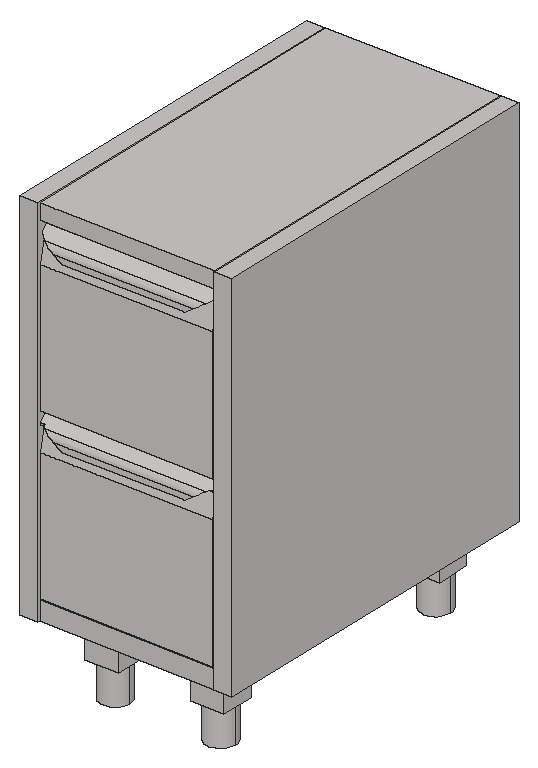
Revit family "QF_ELECTROLUXPROFESSIONAL_121821_TE2C4", category Attrezzature speciali, Revit 2020
Family settings
  Quota connettore circolare = Usa diametro
  Tipo di parte = Normale
  Basato su piano di lavoro = No
  Sempre verticale = Sì
  Taglio con vuoti quando caricato = No
  Condiviso = No
  Punto di calcolo locali = No
Parameters (values of type "Standard")
  Weight = 37.00 kg
  Watts = 0 W
  Volts = 0 V
  URL Manufacturer = "https://www.electroluxprofessional.com/"
  URL = "https://www.electroluxprofessional.com/"
  Steam Supply Size = 0 mm
  Steam Supply Minimum Pressure = 0.0 Pa
  Steam Supply Maximum Pressure = 0.0 Pa
  Steam Consumption per Hour = 0
  Refrigeration Suction Line Size = 0.0 mm
  Refrigeration Liquid Line Size = 0.0 mm
  Refrigerant Compressor Remote = yes
  Prospetto di default = 0.0 mm
  Phase = 0
  Modello = "TE2C4"
  Produttore = "Electrolux Professional"
  Length Actual = 400.0 mm  # constant formula
  Item Number = "121821"
  Hot Water Size = 0 mm
  Height Actual = 860.0 mm  # constant formula
  HP = "0 HP"
  Gas Size = 0 mm
  Gas KW = 0
  Gas Input Pressure = 0 W
  Direct Waste Size = 0 mm
  Descrizione = "AMBIENT UNIT WITH 2 DRAWERS 400MM"
  Depth Actual = 680.0 mm  # constant formula
  Cycle = 0 Hz
  Condensate Return Size = 0 mm
  Compressed Air Volume = 0.0 L/s
  Compressed Air Size = 0 mm
  Compressed Air Pressure = 0.0 Pa
  Cold Water Size = 0 mm
  Accessory = yes
Reference planes
  plane 1 "Center (Front/Back)": y = 0
  plane 2: z = 0
  plane 3 "Center (Left/Right)": x = -300
  plane 4 "LEFT": x = -500
  plane 5 "RIGHT": x = -100
  plane 6 "BACK": y = 340
  plane 7 "FRONT": y = -340
  plane 8 "Base": z = 860
  plane 9 "TOP": z = 900
  plane 10: x = -400
  plane 11: x = -200
  plane 12: y = 270
  plane 13: y = -240
  plane 14 "FEET": z = 150
  plane 15: x = -466
  plane 16: x = -134
  plane 17: y = -337
  plane 18: y = 310
  plane 19: y = -950
Forms (mm)
  Extrusion 1, solid, material "QF_Finishes_Stainless Steel"
    sketch origin (0, 0, 150) x (-1, 0, 0) y (0, -1, 0)
      loop
        line (500, -340) -> (500, 340) -> (466, 340) -> (466, -340) -> (500, -340)
      loop
        line (134, -340) -> (134, 340) -> (100, 340) -> (100, -340) -> (134, -340)
    from 0 to 710
  Extrusion 2, solid, material "QF_Finishes_Stainless Steel"
    sketch origin (0, 0, 150) x (-1, 0, 0) y (0, -1, 0)
      loop
        line (466, -310) -> (466, 337) -> (134, 337) -> (134, -310) -> (466, -310)
    from 0 to 35
  Extrusion 3, solid, material "QF_Finishes_Stainless Steel"
    sketch origin (0, 0, 0) x (1, 0, 0) y (0, 1, 0)
      loop
        line (-466, 310) -> (-466, -297) -> (-134, -297) -> (-134, 310) -> (-466, 310)
    from 490 to 520
  Extrusion 4, solid, material "QF_Finishes_Stainless Steel"
    sketch origin (0, 0, 0) x (1, 0, 0) y (0, 1, 0)
      loop
        line (-466, -337) -> (-134, -337) -> (-134, 340) -> (-466, 340) -> (-466, -337)
    from 830 to 860
  Extrusion 5, solid, material "QF_Finishes_Stainless Steel"
    sketch origin (0, 0, 150) x (-1, 0, 0) y (0, -1, 0)
      loop
        line (466, -340) -> (466, -310) -> (134, -310) -> (134, -340) -> (466, -340)
    from 680 to 0
Lines and regions (mm)
  symbolic lines, style "SpecialityEquipmentHiddenLines"
    curve 1: line (-100, 340, 900) -> (-500, 340, 900)
    curve 2: line (-100, -340, 900) -> (-100, 340, 900)
    curve 3: line (-500, -344.5, 150) -> (-500, 340, 150)
    curve 4: line (-500, -340, 150) -> (-466, -340, 150)
    curve 5: line (-466, -340, 150) -> (-466, -337, 150)
    curve 6: line (-466, -337, 150) -> (-134, -337, 150)
    curve 7: line (-134, -337, 150) -> (-134, -340, 150)
    curve 8: line (-134, -340, 150) -> (-100, -340, 150)
Dimensions and locks
  plane 4 "LEFT" to plane 5 "RIGHT" = 400.0 mm
  equal spacing: plane 4 "LEFT", plane 3 "Center (Left/Right)", plane 5 "RIGHT"
  plane 6 "BACK" to plane 7 "FRONT" = 680.0 mm
  equal spacing: plane 6 "BACK", plane 1 "Center (Front/Back)", plane 7 "FRONT"
  locked: plane 14 "FEET" to level at 150
  locked: plane 4 "LEFT" to plane 10 at 100
  locked: plane 11 to plane 5 "RIGHT" at 100
  locked: plane 4 "LEFT" to plane 15 at 34
  locked: plane 16 to plane 5 "RIGHT" at 34
  plane 17 to plane 7 "FRONT" = 3.0 mm
  plane 6 "BACK" to plane 18 = 30.0 mm
  locked: plane 6 "BACK" to plane 12 at 70
  locked: plane 13 to plane 7 "FRONT" at 100
  locked: plane 8 "Base" to level at 860
  locked: plane 9 "TOP" to level at 900
  plane 6 "BACK" to plane 19 = 1290.0 mm
  aligned and locked: level to plane 2
  aligned and locked: plane 10 to nested 1
  aligned and locked: plane 11 to nested 2
  aligned and locked: plane 11 to nested 4
  aligned and locked: nested 4 to plane 12
  aligned and locked: plane 10 to nested 3
  aligned and locked: nested 3 to plane 12
  aligned and locked: plane 8 "Base" to Extrusion 1
  aligned and locked: plane 6 "BACK" to Extrusion 1 sketch curve
  aligned and locked: Extrusion 1 sketch curve to plane 6 "BACK"
  aligned and locked: plane 7 "FRONT" to Extrusion 1 sketch curve
  aligned and locked: Extrusion 1 sketch curve to plane 7 "FRONT"
  aligned and locked: plane 15 to Extrusion 1
  aligned and locked: Extrusion 1 to plane 16
  aligned and locked: Extrusion 2 to plane 15
  aligned and locked: plane 16 to Extrusion 2
  aligned and locked: plane 16 to Extrusion 3
  aligned and locked: Extrusion 3 to plane 15
  aligned and locked: plane 8 "Base" to Extrusion 4
  aligned and locked: Extrusion 2 to plane 17
  aligned and locked: Extrusion 2 to plane 18
  aligned and locked: Extrusion 3 to plane 18
  aligned and locked: Extrusion 4 to plane 17
  aligned and locked: plane 15 to Extrusion 5 sketch curve
  aligned and locked: Extrusion 5 sketch curve to plane 16
  aligned and locked: Extrusion 5 sketch curve to plane 6 "BACK"
  aligned and locked: Extrusion 5 sketch curve to plane 18
  aligned and locked: Extrusion 5 to Extrusion 4
  aligned and locked: Extrusion 5 to plane 14 "FEET"
  aligned and locked: plane 6 "BACK" to Extrusion 4
  aligned and locked: nested 1 to plane 13
  aligned and locked: nested 2 to plane 13
Automatic sketch dimensions
  curve 2 to plane 5 "RIGHT" = 0.0 mm
  curve 2 to plane 7 "FRONT" = 0.0 mm
  curve 1 to plane 4 "LEFT" = 0.0 mm
  curve 1 to plane 6 "BACK" = 0.0 mm
  Extrusion 1 sketch curve to plane 5 "RIGHT" = 0.0 mm
  Extrusion 1 sketch curve to plane 16 = 0.0 mm
  Extrusion 1 sketch curve to plane 15 = 0.0 mm
  Extrusion 1 sketch curve to plane 4 "LEFT" = 0.0 mm
  Extrusion 2 sketch curve to plane 16 = 0.0 mm
  Extrusion 2 sketch curve to plane 15 = 0.0 mm
  plane 18 to Extrusion 2 sketch curve = 0.0 mm
  Extrusion 2 sketch curve to plane 17 = 0.0 mm
  curve 8 to plane 5 "RIGHT" = 0.0 mm
  curve 8 to plane 7 "FRONT" = 0.0 mm
  curve 8 to plane 16 = 0.0 mm
  curve 6 to plane 15 = 0.0 mm
  curve 3 to plane 4 "LEFT" = 0.0 mm
  curve 3 to plane 6 "BACK" = 0.0 mm
  curve 6 to plane 17 = 0.0 mm
  curve 4 to plane 7 "FRONT" = 0.0 mm
  curve 4 to curve 3 = 4.5 mm
  Extrusion 4 sketch curve to plane 15 = 0.0 mm
  Extrusion 4 sketch curve to plane 16 = 0.0 mm
  Extrusion 4 sketch curve to plane 17 = 0.0 mm
  Extrusion 4 sketch curve to plane 18 = 30.0 mm
  Extrusion 3 sketch curve to plane 15 = 0.0 mm
  plane 7 "FRONT" to Extrusion 3 sketch curve = 43.0 mm
  Extrusion 3 sketch curve to plane 16 = 0.0 mm
  plane 18 to Extrusion 3 sketch curve = 0.0 mm
Nested families
  nested 1: "FEET_L63-150" at (-400, -240, 0), type "FEET_L63-150"
  nested 2: "FEET_L63-150" at (-200, -240, 0), type "FEET_L63-150"
  nested 3: "FEET_L63-150" at (-400, 270, 0), type "FEET_L63-150"
  nested 4: "FEET_L63-150" at (-200, 270, 0), type "FEET_L63-150"
  nested 5: "H637_400_2DRAWERS" at (-336.152, -297, 148.687) x (1, 0, 0) z (0, -1, 0), type "H637_400_2DRAWERS"
    with Width 400.0 mm, Show Clearance yes
Definition of nested family "FEET_L63-150"
  Parameters
    Default Elevation = 0.0 mm
    FEET = 150.0 mm
  Reference planes
    plane 1 "Center (Front/Back)": y = 0
    plane 2: z = 0
    plane 3 "Center (Left/Right)": x = 0
    plane 4: z = 150
  Forms (mm)
    Extrusion 1, solid
      sketch origin (0, 0, 0) x (1, 0, 0) y (0, 1, 0)
        loop
          circle (0, 0) r 28
      from 0 to 67
    Extrusion 2, solid
      sketch origin (0, 0, 0) x (1, 0, 0) y (0, 1, 0)
        loop
          line (31.561, 31.5) -> (-31.439, 31.5) -> (-31.439, -31.5) -> (31.561, -31.5) -> (31.561, 31.5)
      from 67 to 150 <- "FEET"
  Lines and regions (mm)
    symbolic lines
      curve 1: line (0, -1.503, 0) -> (0, 1.508, 0)
      curve 2: line (1.561, 0, 0) -> (-1.439, 0, 0)
  Dimensions and locks
    "FEET": plane 4 to plane 2
    aligned and locked: level to plane 2
  Automatic sketch dimensions
    plane 1 "Center (Front/Back)" to Extrusion 1 sketch curve = 0.0 mm
    Extrusion 1 sketch curve to plane 3 "Center (Left/Right)" = 0.0 mm
    plane 1 "Center (Front/Back)" to curve 2 = 0.0 mm
    curve 1 to plane 3 "Center (Left/Right)" = 0.0 mm
    curve 2 to plane 3 "Center (Left/Right)" = 1.439 mm
    plane 3 "Center (Left/Right)" to curve 2 = 1.561 mm
    plane 1 "Center (Front/Back)" to curve 1 = 1.503 mm
    curve 1 to plane 1 "Center (Front/Back)" = 1.508 mm
    Extrusion 2 sketch curve to plane 1 "Center (Front/Back)" = 31.5 mm
    Extrusion 2 sketch curve to plane 3 "Center (Left/Right)" = 31.439 mm
    plane 3 "Center (Left/Right)" to Extrusion 2 sketch curve = 31.561 mm
    plane 1 "Center (Front/Back)" to Extrusion 2 sketch curve = 31.5 mm
    radius of Extrusion 1 sketch curve = 28.0 mm
Definition of nested family "H637_400_2DRAWERS"
  Parameters
    Width [instance] = 400.0 mm
    Show Clearance [instance] = yes
    Model = "727995"
    Height = 710.0 mm
    Default Elevation = 0.0 mm
  Reference planes
    plane 1 "Center (Front/Back)": y = 0
    plane 2: z = 0
    plane 3 "Center (Left/Right)": x = 36.042
    plane 4 "panel": z = 25
    plane 5 "Left": x = -163.958
    plane 6 "Right": x = 236.042
    plane 7: y = 710
    plane 8: z = 45
    plane 9: x = 199.042
    plane 10: x = -126.958
    plane 11: y = 672
    plane 12: y = 38
    plane 13: z = 652.734
  Forms (mm)
    Extrusion 1, solid
      sketch origin (0, -919.2, 0) x (1, 0, 0) y (0, 1, 0)
        loop
          line (-980.5, 2119.2) -> (-980.5, -162.846) -> (881.94, -162.846) -> (881.94, 2119.2) -> (-980.5, 2119.2)
      from 0 to -59.546
    Extrusion 2, solid
      sketch origin (36.042, -219.693, 0) x (0, 1, 0) y (0, 0, 1)
        loop
          line (848.63, 49.734) -> (848.63, 47.734) -> (858.98, 47.734)
          arc (858.98, 47.734) -> (865.586, 46.42) -> (871.186, 42.679) r 17.261
          line (871.186, 42.679) -> (888.019, 25.845) -> (891.693, 25) -> (872.6, 44.093)
          arc (872.6, 44.093) -> (866.351, 48.268) -> (858.98, 49.734) r 19.261
          line (858.98, 49.734) -> (848.63, 49.734)
      from -163 to 163
    Extrusion 3, void
      sketch origin (0, -219.693, 25) x (1, 0, 0) y (0, 1, 0)
        loop
          line (204.066, 839.859) -> (204.066, 882.225) -> (199.042, 882.225)
          arc (199.042, 882.225) -> (198.688, 880.688) -> (197.873, 879.339) r 5
          line (197.873, 879.339) -> (155.197, 850.51)
          arc (155.197, 850.51) -> (152.266, 849.11) -> (149.054, 848.63) r 10.974
          line (149.054, 848.63) -> (-76.97, 848.63)
          arc (-76.97, 848.63) -> (-80.182, 849.11) -> (-83.113, 850.51) r 10.974
          line (-83.113, 850.51) -> (-125.789, 879.339)
          arc (-125.789, 879.339) -> (-126.604, 880.688) -> (-126.958, 882.225) r 5
          line (-126.958, 882.225) -> (-131.982, 882.225) -> (-131.982, 839.859) -> (204.066, 839.859)
      from 0 to 27.674
    Extrusion 4, solid
      sketch origin (36.042, -190, 0) x (0, 1, 0) y (0, 0, 1)
        loop
          line (547.965, 40) -> (547.965, 0) -> (862, 0) -> (862, 25) -> (796.797, 40) -> (547.965, 40)
        loop
          line (229, 40) -> (229, 0) -> (542.965, 0) -> (542.965, 25) -> (477.761, 40) -> (229, 40)
      from 163 to -163
    Extrusion 5, solid, detail levels coarse
      sketch origin (0, 0, 0) x (1, 0, 0) y (0, 0, 1)
        loop
          line (-126.958, 40) -> (198.042, 40) -> (198.042, 652.734) -> (-126.958, 652.734) -> (-126.958, 40)
      from -672 to -357.965
    Extrusion 6, solid
      sketch origin (36.042, -538.728, 0) x (0, 1, 0) y (0, 0, 1)
        loop
          line (848.63, 49.734) -> (848.63, 47.734) -> (858.98, 47.734)
          arc (858.98, 47.734) -> (865.586, 46.42) -> (871.186, 42.679) r 17.261
          line (871.186, 42.679) -> (888.019, 25.845) -> (891.693, 25) -> (872.6, 44.093)
          arc (872.6, 44.093) -> (866.351, 48.268) -> (858.98, 49.734) r 19.261
          line (858.98, 49.734) -> (848.63, 49.734)
      from -163 to 163
    Extrusion 7, void
      sketch origin (0, -538.728, 25) x (1, 0, 0) y (0, 1, 0)
        loop
          line (204.066, 839.859) -> (204.066, 882.225) -> (199.042, 882.225)
          arc (199.042, 882.225) -> (198.688, 880.688) -> (197.873, 879.339) r 5
          line (197.873, 879.339) -> (155.197, 850.51)
          arc (155.197, 850.51) -> (152.266, 849.11) -> (149.054, 848.63) r 10.974
          line (149.054, 848.63) -> (-76.97, 848.63)
          arc (-76.97, 848.63) -> (-80.182, 849.11) -> (-83.113, 850.51) r 10.974
          line (-83.113, 850.51) -> (-125.789, 879.339)
          arc (-125.789, 879.339) -> (-126.604, 880.688) -> (-126.958, 882.225) r 5
          line (-126.958, 882.225) -> (-131.982, 882.225) -> (-131.982, 839.859) -> (204.066, 839.859)
      from 15 to 27.674
    Extrusion 8, solid, detail levels coarse
      sketch origin (0, 0, 0) x (1, 0, 0) y (0, 0, 1)
        loop
          line (-126.958, 40) -> (198.042, 40) -> (198.042, 652.734) -> (-126.958, 652.734) -> (-126.958, 40)
      from -352.965 to -39
  Cuts and joins
    Extrusion 3, Extrusion 7 cuts Extrusion 2
    Extrusion 7 cuts Extrusion 4
    Extrusion 7 cuts Extrusion 5
    Extrusion 7 cuts Extrusion 6
  Lines and regions (mm)
    symbolic lines
      curve 1: line (199.042, 0, 40) -> (199.042, 0, 653)
      curve 2: line (167.735, 0, 49.734) -> (-126.958, 0, 49.734)
      curve 3: spline (187.459, 0, 44.389) -> (185.921, 0, 45.265) -> (184.356, 0, 46.066) -> (182.765, 0, 46.791) -> (181.151, 0, 47.437) -> (179.517, 0, 48.005) -> (177.865, 0, 48.493) -> (176.198, 0, 48.9) -> (174.519, 0, 49.226) -> (172.831, 0, 49.471) -> (171.136, 0, 49.633) -> (169.436, 0, 49.712) -> (167.736, 0, 49.71)
      curve 4: line (193.956, 0, 40) -> (187.459, 0, 44.389)
      curve 5: line (199.042, 0, 653) -> (-126.958, 0, 653)
      curve 6: line (-126.958, 0, 40) -> (-126.958, 0, 653)
  Dimensions and locks
    plane 4 "panel" to level = 25.0 mm
    "Width": plane 5 "Left" to plane 6 "Right"
    equal spacing: plane 5 "Left", plane 3 "Center (Left/Right)", plane 6 "Right"
    "Height": plane 1 "Center (Front/Back)" to plane 7
    plane 9 to plane 6 "Right" = 37.0 mm
    plane 5 "Left" to plane 10 = 37.0 mm
    plane 7 to plane 11 = 38.0 mm
    plane 1 "Center (Front/Back)" to plane 12 = 38.0 mm
    plane 10 to plane 9 = 326.0 mm
    aligned and locked: plane 2 to Extrusion 1
    aligned and locked: level to Extrusion 1
    aligned and locked: plane 10 to Extrusion 2
    aligned and locked: plane 9 to Extrusion 2
    aligned and locked: plane 10 to Extrusion 4
    aligned and locked: plane 9 to Extrusion 4
  Automatic sketch dimensions
    Extrusion 1 sketch curve to Extrusion 1 sketch curve = 1862.44 mm
    Extrusion 1 sketch curve to Extrusion 1 sketch curve = 2282.046 mm
    Extrusion 2 sketch curve to Extrusion 2 sketch curve = 0.0 mm  (x2)
    Extrusion 2 sketch curve to plane 4 "panel" = 0.0 mm
    Extrusion 2 sketch curve to plane 11 = 0.0 mm
    plane 4 "panel" to Extrusion 2 sketch curve = 0.845 mm
    Extrusion 2 sketch curve to plane 11 = 3.674 mm
    Extrusion 2 sketch curve to plane 8 = 0.907 mm
    Extrusion 2 sketch curve to plane 11 = 19.093 mm
    Extrusion 2 sketch curve to plane 8 = 2.321 mm
    Extrusion 2 sketch curve to Extrusion 2 sketch curve = 1.414 mm
    plane 4 "panel" to Extrusion 2 sketch curve = 5.474 mm
    Extrusion 2 sketch curve to Extrusion 2 sketch curve = 12.205 mm
    Extrusion 2 sketch curve to Extrusion 2 sketch curve = 10.351 mm
    Extrusion 4 sketch curve to level = 0.0 mm  (x2)
    Extrusion 4 sketch curve to plane 4 "panel" = 0.0 mm  (x2)
    Extrusion 4 sketch curve to plane 11 = 0.0 mm
    Extrusion 4 sketch curve to plane 8 = 5.0 mm  (x2)
    Extrusion 4 sketch curve to plane 11 = 65.203 mm
    Extrusion 4 sketch curve to Extrusion 4 sketch curve = 248.832 mm
    Extrusion 4 sketch curve to Extrusion 4 sketch curve = 5.0 mm
    Extrusion 4 sketch curve to Extrusion 4 sketch curve = 65.203 mm
    plane 12 to Extrusion 4 sketch curve = 1.0 mm
    Extrusion 6 sketch curve to Extrusion 6 sketch curve = 0.0 mm  (x2)
    Extrusion 6 sketch curve to plane 4 "panel" = 0.0 mm
    plane 8 to Extrusion 6 sketch curve = 2.734 mm
    plane 12 to Extrusion 6 sketch curve = 271.902 mm
    plane 8 to Extrusion 6 sketch curve = 4.734 mm
    Extrusion 6 sketch curve to Extrusion 6 sketch curve = 10.351 mm
    Extrusion 6 sketch curve to plane 8 = 2.321 mm
    Extrusion 6 sketch curve to Extrusion 6 sketch curve = 12.205 mm
    Extrusion 6 sketch curve to plane 8 = 0.907 mm
    plane 4 "panel" to Extrusion 6 sketch curve = 0.845 mm
    Extrusion 6 sketch curve to Extrusion 6 sketch curve = 16.834 mm
    Extrusion 6 sketch curve to Extrusion 6 sketch curve = 3.674 mm
    Extrusion 3 sketch curve to plane 10 = 0.0 mm
    Extrusion 3 sketch curve to plane 9 = 0.0 mm
    plane 10 to Extrusion 3 sketch curve = 5.024 mm
    Extrusion 3 sketch curve to plane 10 = 1.169 mm
    Extrusion 3 sketch curve to plane 10 = 4.988 mm
    Extrusion 3 sketch curve to plane 10 = 43.845 mm
    Extrusion 3 sketch curve to Extrusion 3 sketch curve = 6.143 mm  (x2)
    Extrusion 3 sketch curve to plane 11 = 32.089 mm
    Extrusion 3 sketch curve to plane 9 = 49.988 mm
    Extrusion 3 sketch curve to plane 9 = 4.988 mm
    Extrusion 3 sketch curve to plane 9 = 1.169 mm
    plane 9 to Extrusion 3 sketch curve = 5.024 mm
    Extrusion 3 sketch curve to plane 11 = 41.182 mm
    Extrusion 3 sketch curve to Extrusion 3 sketch curve = 9.094 mm
    Extrusion 3 sketch curve to Extrusion 3 sketch curve = 10.652 mm
    Extrusion 3 sketch curve to plane 11 = 12.354 mm  (x2)
    Extrusion 3 sketch curve to Extrusion 3 sketch curve = 2.886 mm  (x2)
    Extrusion 5 sketch curve to plane 10 = 0.0 mm
    Extrusion 5 sketch curve to plane 13 = 0.0 mm
    Extrusion 5 sketch curve to plane 9 = 1.0 mm
    Extrusion 5 sketch curve to plane 8 = 5.0 mm
    Extrusion 7 sketch curve to plane 10 = 0.0 mm
    Extrusion 7 sketch curve to plane 9 = 0.0 mm
    plane 10 to Extrusion 7 sketch curve = 5.024 mm
    Extrusion 7 sketch curve to plane 10 = 1.169 mm
    Extrusion 7 sketch curve to plane 10 = 4.988 mm
    Extrusion 7 sketch curve to plane 10 = 43.845 mm
    Extrusion 7 sketch curve to Extrusion 7 sketch curve = 6.143 mm  (x2)
    Extrusion 7 sketch curve to plane 9 = 49.988 mm
    Extrusion 7 sketch curve to plane 9 = 4.988 mm
    Extrusion 7 sketch curve to plane 9 = 1.169 mm
    plane 9 to Extrusion 7 sketch curve = 5.024 mm
    plane 12 to Extrusion 7 sketch curve = 263.13 mm
    Extrusion 7 sketch curve to Extrusion 7 sketch curve = 8.771 mm
    Extrusion 7 sketch curve to Extrusion 7 sketch curve = 1.88 mm  (x2)
    Extrusion 7 sketch curve to Extrusion 7 sketch curve = 39.48 mm  (x2)
    Extrusion 7 sketch curve to Extrusion 7 sketch curve = 2.886 mm  (x2)
    Extrusion 8 sketch curve to plane 10 = 0.0 mm
    Extrusion 8 sketch curve to plane 13 = 0.0 mm
    Extrusion 8 sketch curve to plane 9 = 1.0 mm
    Extrusion 8 sketch curve to plane 8 = 5.0 mm
    plane 10 to curve 6 = 0.0 mm
    curve 1 to plane 9 = 0.0 mm
    curve 4 to plane 8 = 0.611 mm
    curve 4 to plane 9 = 11.583 mm
    curve 1 to plane 13 = 0.266 mm
    plane 8 to curve 2 = 4.734 mm
    curve 2 to curve 3 = 19.723 mm
    curve 2 to curve 3 = 0.0 mm
    curve 3 to curve 3 = 0.908 mm
    curve 4 to plane 9 = 5.086 mm
    curve 1 to plane 8 = 5.0 mm
    curve 4 to plane 8 = 5.0 mm
    curve 6 to plane 8 = 5.0 mm
    curve 3 to level = 1.281 mm
    curve 3 to curve 2 = 0.025 mm
